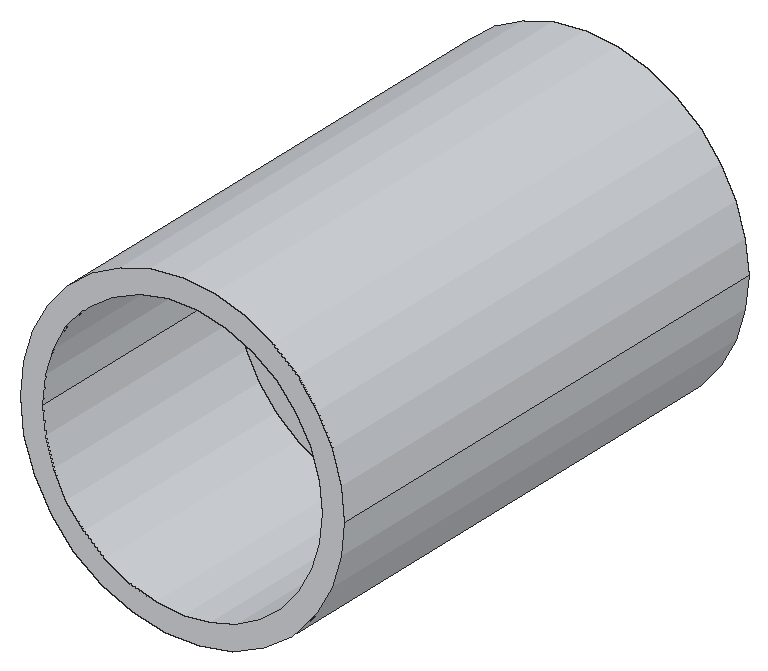
Revit family "PSC25B", category Generic Models, Revit 2017
Family settings
  Can host rebar = No
  Round Connector Dimension = Use Diameter
  Part Type = Normal
  Work Plane-Based = Yes
  Always vertical = No
  Cut with Voids When Loaded = No
  Shared = No
  Room Calculation Point = No
Parameters (values of type "NBS Standard Parameters")
  Weight = "0.0143Kg"
  WarrantyStartDate [instance] = "1900-12-31T23:59:59"
  WarrantyGuarantorParts = "n/a"
  WarrantyGuarantorLabor = "n/a"
  WarrantyDurationUnit = "1 year"
  WarrantyDurationParts = "n/a"
  WarrantyDurationLabor = "n/a"
  WarrantyDescription = "n/a"
  Version = "1"
  Uniclass2 = "Pr_65_70_11_20"
  TagNumber [instance] = "n/a"
  SustainabilityPerformance = "n/a"
  Size = "25mm"
  Shape = "Circular"
  SerialNumber [instance] = "n/a"
  Revision = "n/a"
  ReplacementCost = "n/a"
  ProductInformation = "www.metpro.co.uk/pdf/psc25w.pdf"
  NominalWidth = 29 mm
  NominalLength = 29 mm
  NominalHeight = 45 mm
  Name = ""
  NBSTypeID = ""
  NBSReference = "90-55-10/460"
  NBSOfficeMasterTag = ""
  NBSNote = ""
  NBSDescription = "Conduit Fittings"
  NBSCertification = ""
  ModelReference = "PSC25B"
  ModelNumber = "n/a"
  Material = "PVC"
  ManufacturerURL = "www.metpro.co.uk"
  ManufacturerName = "Metpro Ltd"
  Keynote = "Manufactured to BS4607 Part 1"
  InstallationDate [instance] = "1900-12-31T23:59:59"
  IfcExportType = ""
  IfcExportAs = ""
  Grade = "n/a"
  Finish = "Black"
  Features = "n/a"
  ExpectedLife = "n/a"
  DurationUnit = "year"
  Description = "PSC25B - 25mm PVC Conduit Solid Coupler"
  Default Elevation = 1219.2 mm
  Constituents = "n/a"
  Color = "n/a"
  CodePerformance = "n/a"
  Category = "n/a"
  BarCode [instance] = "n/a"
  BIMObjectName = "Metpro_metprolibrary_conduitfittings_PVC component_accessory"
  Author = "Metpro Ltd"
  AssetType = ""
  AssetIdentifier [instance] = "n/a"
  AccessibilityPerformance = "n/a"
Reference planes
  plane 1 "Center (Front/Back)": y = 0
  plane 2: z = 0
  plane 3 "Center (Left/Right)": x = 0
Forms (mm)
  Extrusion 1, solid
    sketch origin (209.368, 22.5, 0) x (0, 0, -1) y (-1, 0, 0)
      loop
        circle (0.525, 3.327) r 14.5
      loop
        circle (0.525, 3.327) r 12.5
    from -22.5 to 22.5
  Extrusion 2, solid
    sketch origin (209.368, 22.5, 0) x (0, 0, -1) y (-1, 0, 0)
      loop
        circle (0.525, 3.327) r 13
      loop
        circle (0.525, 3.327) r 10.5
    from -1 to 1
Dimensions and locks
  aligned and locked: level to plane 2
